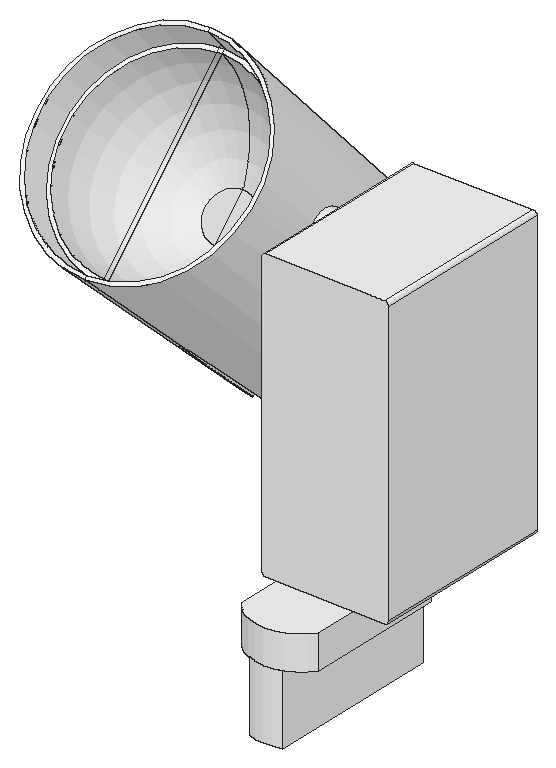
Revit family "0004923 Feilo Sylvania Lighting Fixture START TRACK SPOT S DALI 1262LM 930 MB WHT", category Lighting Fixtures, host Face, Revit 2017 (continued)
Definition of nested family "Start Track Spot Head"
  Types (96, lengths in mm): name | Wattage | built-in parameter 1150134 | Photometric Web File | Model | built-in parameter 1150105 | Lumens | built-in parameter 1150107 | built-in parameter 1150106 | HeadThickness_FEILO | HeadRibOffset_FEILO | HeadRibDepth_FEILO | HeadRibCutWidth_FEILO | HeadRibCutOffset_FEILO | HeadReflectorRadius_FEILO | HeadReflectorOffset_FEILO | HeadLEDRadius_FEILO | HeadHeight_FEILO | HeadDiffusorOffset_FEILO | HeadDiaOut_FEILO | HeadDiaIn_FEILO | HeadAxisFromTop_FEILO | Emit from Circle Diameter | built-in parameter 1150104 | Description | Apparent Load
    0004812 START TRACK SPOT S 14W 3K RA80 MB WHITE | 14 W | (empty or 0) | "0004812.ies" | "START TRACK SPOT S 14W 3K RA80 MB WHITE" | 120.32 (stored number, unit not read) | 1512 lm | 3000 (stored number, unit not read) | 1.2032 (stored number, unit not read) | 1.5 | 4.179 | 55.714 | 7.167 | 50.87 | 50.588 | 55.714 | 9.556 | 117 | 9.435 | 86 | 77.477 | 69.354 | 77.477 | 10.034 (stored number, unit not read) | "Integrated LED spotlight, Textured White - RAL9016, compact and minimalist design, ideal for retail applications, die-cast aluminium body, passive cooling heatsink. Beam angle: 36°, color temperature: 3000K , total system power: 14W, total fixture output: 1508 lm, LOR: 100%, colour rendering: Ra: 80 typical, LED Chromaticity: 3 step MacAdam ellipse, lifetime: >50000 hours at L70B50, energy class: A++, A+, A, IR/UV free light source without heat radiation, operating voltage: 220-240V / 50-60Hz, drive current: 350mA, electronic driver, non-dimmable, power factor: 0.92, electrical protection: Class II, Global Track 3 Phase adapter suitable for Global trac 3-circuit tracks, ingress protection rating: IP20, suitable for internal environment only, horizontal rotation: 355°, vertical tilt: 90°, dimensions: Ø86x140x200, weight: 0.940kg." | 14 VA
    0004811 START TRACK SPOT S 14W 3K RA80 NB WHITE | 14 W | (empty or 0) | "0004811.ies" | "START TRACK SPOT S 14W 3K RA80 NB WHITE" | 123.66 (stored number, unit not read) | 1554 lm | 3000 (stored number, unit not read) | 1.2366 (stored number, unit not read) | 1.5 | 4.179 | 55.714 | 7.167 | 50.87 | 50.588 | 55.714 | 9.556 | 117 | 9.435 | 86 | 77.477 | 69.354 | 77.477 | 10.312 (stored number, unit not read) | "Integrated LED spotlight, Textured White - RAL9016, compact and minimalist design, ideal for retail applications, die-cast aluminium body, passive cooling heatsink. Beam angle: 12°, color temperature: 3000K , total system power: 14W, total fixture output: 1551 lm, LOR: 100%, colour rendering: Ra: 80 typical, LED Chromaticity: 3 step MacAdam ellipse, lifetime: >50000 hours at L70B50, energy class: A++, A+, A, IR/UV free light source without heat radiation, operating voltage: 220-240V / 50-60Hz, drive current: 350mA, electronic driver, non-dimmable, power factor: 0.92, electrical protection: Class II, Global Track 3 Phase adapter suitable for Global trac 3-circuit tracks, ingress protection rating: IP20, suitable for internal environment only, horizontal rotation: 355°, vertical tilt: 90°, dimensions: Ø86x140x200, weight: 0.940kg." | 14 VA
  Reference planes
    plane 1 "Center (Front/Back)": y = 0
    plane 2: z = 0
    plane 3 "Center (Left/Right)": x = 0
    plane 4: x = 43
    plane 5: x = -43
    plane 6: x = -38.739
    plane 7: x = 38.739
    plane 8: z = 69.354
    plane 9: z = -47.646
    plane 10: x = -41.5
    plane 11: x = -37.239
    plane 12: z = -38.211
    plane 13: z = -35.211
    plane 14: z = 8.068
    plane 15: x = -9.556
    plane 16: x = -28.667
    plane 17: x = -19.111
    plane 18: x = -27.167
    plane 19: x = -17.611
    plane 20: x = -8.056
    plane 21: z = 13.64
    plane 22: x = -29.667
    plane 23: x = -26.167
    plane 24: x = -20.111
    plane 25: x = -16.611
    plane 26: x = -10.556
    plane 27: x = -7.056
    plane 28: x = -36.239
    plane 29: x = -40.5
    plane 30: z = 65.175
    plane 31: z = 60.997
    plane 32: z = 56.818
    plane 33: z = 18.484
    plane 34: y = -43
    plane 35: y = 43
    plane 36: y = 3.583
    plane 37: y = -3.583
    plane 38: y = -2.583
    plane 39: y = 2.583
    plane 40: y = 46
    plane 41: z = 13.5
    plane 42: z = -13.5
    plane 43: y = 39
    plane 44: x = 4.708
    plane 45: x = -2.458
    plane 46: x = -1.458
    plane 47: x = 1.458
  Forms (mm)
    Extrusion 1, solid
      sketch origin (4.2, 0, 0) x (1, 0, 0) y (0, 1, 0)
        loop
          line (-1219.2, 1219.2) -> (-1219.2, -1219.2) -> (1219.2, -1219.2) -> (1219.2, 1219.2) -> (-1219.2, 1219.2)
      from 0 to -68.017
    Revolve 2, solid, material <- "Material_1_FEILO", detail levels medium+fine
      sketch origin (0, 0, 0) x (1, 0, 0) y (0, 0, 1)
        loop
          line (-43, -47.646) -> (-41.5, -47.646) -> (-40.5, -35.211) -> (-38.739, -35.211)
          arc (-38.739, -35.211) -> (-30.16, -9.517) -> (-9.556, 8.068) r 50.588
          line (-9.556, 8.068) -> (0, 8.068) -> (0, 13.64) -> (-16.611, 13.64) -> (-17.611, 60.997) -> (-19.111, 60.997) -> (-20.111, 13.64) -> (-36.239, 13.64) -> (-37.239, 69.354) -> (-38.739, 69.354) -> (-43, -47.646)
        axis (0, 69.354) -> (0, -47.646)
      angle from 360 to 0
    Extrusion 3, void
      sketch origin (0, 0, 0) x (0, 1, 0) y (0, 0, 1)
        loop
          line (-3.583, 69.354) -> (-2.583, 18.484) -> (1.932, 18.484) -> (2.932, 69.354) -> (-3.583, 69.354)
      from 43 to -43
    Revolve 4, solid, material <- "Material_2_FEILO", detail levels medium+fine
      sketch origin (0, 0, 0) x (1, 0, 0) y (0, 0, 1)
        loop
          line (-41.5, -38.211) -> (0, -38.211) -> (0, -35.211) -> (-41.5, -35.211) -> (-41.5, -38.211)
        axis (0, -35.211) -> (0, -38.211)
      angle from 360 to 0
    Revolve 5, solid, material <- "Material_1_FEILO"
      sketch origin (0, 0, 0) x (0, 1, 0) y (0, 0, 1)
        loop
          line (46, 0) -> (39, 0) -> (39, -13.5) -> (46, -13.5) -> (46, 0)
        axis (39, 0) -> (46, 0)
      angle from 360 to 0
    Revolve 6, solid, material <- "Material_1_FEILO", detail levels medium+fine
      sketch origin (0, 0, 0) x (1, 0, 0) y (0, 0, 1)
        loop
          line (-29.667, 13.64) -> (-26.167, 13.64) -> (-27.167, 65.175) -> (-28.667, 65.175) -> (-29.667, 13.64)
        loop
          line (-10.556, 13.64) -> (-7.056, 13.64) -> (-7.833, 56.818) -> (-9.778, 56.818) -> (-10.556, 13.64)
        axis (0, 65.175) -> (0, 13.64)
      angle from 360 to 0
    Extrusion 7, void
      sketch origin (0, 0, 0) x (1, 0, 0) y (0, 0, 1)
        loop
          line (4.708, 69.354) -> (-2.458, 69.354) -> (-1.458, 13.64) -> (1.458, 13.64) -> (4.708, 69.354)
      from -43 to 43
    Revolve 8, solid, material <- "Material_1_FEILO", detail levels coarse
      sketch origin (0, 0, 0) x (1, 0, 0) y (0, 0, 1)
        loop
          line (0, 69.354) -> (-38.739, 69.354) -> (-43, -47.646) -> (-41.5, -47.646) -> (-40.731, -38.211) -> (0, -38.211) -> (0, 69.354)
        axis (0, 69.354) -> (0, -47.646)
      angle from 360 to 0
  Cuts and joins
    Extrusion 3 cuts Revolve 2
    Extrusion 7 cuts Revolve 6
  Dimensions and locks
    equal spacing: plane 7, plane 3 "Center (Left/Right)", plane 6
    equal spacing: plane 4, plane 3 "Center (Left/Right)", plane 5
    "HeadDiaOut_FEILO": plane 4 to plane 5
    "HeadDiaIn_FEILO": plane 7 to plane 6
    "HeadHeight_FEILO": plane 8 to plane 9
    "HeadThickness_FEILO": plane 10 to plane 5
    "HeadThickness_FEILO": plane 11 to plane 6
    "HeadDiffusorOffset_FEILO": plane 12 to plane 9
    "HeadDiffusorThickness_FEILO": plane 13 to plane 12
    "HeadReflectorOffset_FEILO": plane 14 to plane 9
    "HeadLEDRadius_FEILO": plane 3 "Center (Left/Right)" to plane 15
    "HeadLEDRadius_FEILO": plane 15 to plane 17
    "HeadLEDRadius_FEILO": plane 17 to plane 16
    "HeadThickness_FEILO": plane 18 to plane 16
    "HeadThickness_FEILO": plane 19 to plane 17
    "HeadThickness_FEILO": plane 20 to plane 15
    "HeadRibDepth_FEILO": plane 8 to plane 21
    "HeadDraft_FEILO": plane 16 to plane 22
    "HeadDraft_FEILO": plane 23 to plane 18
    "HeadDraft_FEILO": plane 17 to plane 24
    "HeadDraft_FEILO": plane 25 to plane 19
    "HeadDraft_FEILO": plane 15 to plane 26
    "HeadDraft_FEILO": plane 27 to plane 20
    "HeadDraft_FEILO": plane 29 to plane 10
    "HeadDraft_FEILO": plane 28 to plane 11
    "HeadRibOffset_FEILO": plane 8 to plane 30
    "HeadRibOffset_FEILO": plane 30 to plane 31
    "HeadRibOffset_FEILO": plane 31 to plane 32
    "HeadAxisFromTop_FEILO": plane 8 to plane 2
    "HeadRibCutOffset_FEILO": plane 8 to plane 33
    equal spacing: plane 34, plane 1 "Center (Front/Back)", plane 35
    "HeadDiaOut_FEILO": plane 34 to plane 35
    equal spacing: plane 38, plane 1 "Center (Front/Back)", plane 39
    equal spacing: plane 37, plane 1 "Center (Front/Back)", plane 36
    "HeadRibCutWidth_FEILO": plane 37 to plane 36
    "HeadDraft_FEILO": plane 37 to plane 38
    locked: plane 35 to plane 40 at 3
    equal spacing: plane 41, plane 2, plane 42
    locked: plane 42 to plane 41 at 27
    locked: plane 43 to plane 35 at 4
    equal spacing: plane 45, imposter light, plane 44
    "HeadDraft_FEILO": plane 46 to plane 45
    "HeadRibCutWidth_FEILO": plane 44 to plane 45
    equal spacing: plane 47, plane 3 "Center (Left/Right)", plane 46
    "HeadReflectorRadius_FEILO": radius of Revolve 2 sketch curve
    aligned and locked: plane 2 to Extrusion 1
    aligned and locked: level to Extrusion 1
    aligned and locked: Revolve 2 sketch curve to plane 3 "Center (Left/Right)"  (x2)
    aligned and locked: plane 9 to Revolve 2 sketch curve  (x2)
    aligned and locked: plane 5 to Revolve 2 sketch curve
    aligned and locked: plane 10 to Revolve 2 sketch curve
    aligned and locked: plane 14 to Revolve 2 sketch curve
    aligned and locked: plane 8 to Revolve 2 sketch curve
    aligned and locked: Revolve 2 sketch curve to plane 13
    aligned and locked: plane 12 to Revolve 4 sketch curve
    aligned and locked: plane 3 "Center (Left/Right)" to Revolve 4 sketch curve
    aligned and locked: Revolve 4 sketch curve to plane 10
    aligned and locked: Revolve 4 sketch curve to plane 3 "Center (Left/Right)"
    aligned and locked: plane 12 to imposter light
    aligned and locked: imposter light to plane 1 "Center (Front/Back)"
    aligned and locked: Revolve 5 sketch curve to plane 2
    aligned and locked: plane 43 to Revolve 5 sketch curve
    aligned and locked: plane 42 to Revolve 5 sketch curve
    aligned and locked: Revolve 6 sketch curve to plane 3 "Center (Left/Right)"
    aligned and locked: plane 22 to Revolve 6 sketch curve
    aligned and locked: plane 30 to Revolve 6 sketch curve
    aligned and locked: plane 23 to Revolve 6 sketch curve
    aligned and locked: Revolve 6 sketch curve to plane 21  (x2)
    aligned and locked: plane 21 to Revolve 6 sketch curve
    aligned and locked: plane 17 to Revolve 2 sketch curve
    aligned and locked: plane 19 to Revolve 2 sketch curve
    aligned and locked: plane 31 to Revolve 2 sketch curve
    aligned and locked: plane 21 to Revolve 2 sketch curve
    aligned and locked: Extrusion 3 to plane 8
    aligned and locked: plane 33 to Extrusion 3
    aligned and locked: plane 8 to Extrusion 3 sketch curve
    aligned and locked: Extrusion 3 sketch curve to plane 33
    aligned and locked: Extrusion 3 to plane 5
    aligned and locked: plane 4 to Extrusion 3
    aligned and locked: plane 32 to Revolve 6 sketch curve
    aligned and locked: plane 44 to Extrusion 7 sketch curve
    aligned and locked: Extrusion 7 sketch curve to plane 8
    aligned and locked: plane 46 to Extrusion 7 sketch curve
    aligned and locked: plane 21 to Extrusion 7 sketch curve
    aligned and locked: plane 34 to Extrusion 7
    aligned and locked: Extrusion 7 to plane 35
    aligned and locked: Revolve 4 sketch curve to plane 13
    aligned and locked: Revolve 5 sketch curve to plane 40
    aligned and locked: Revolve 8 sketch curve to plane 3 "Center (Left/Right)"
    aligned and locked: Revolve 8 sketch curve to cut or joined group of Revolve 2, Extrusion 3  (x3)
    aligned and locked: plane 5 to Revolve 8 sketch curve
    aligned and locked: plane 3 "Center (Left/Right)" to Revolve 8 sketch curve
    aligned and locked: plane 12 to Revolve 8 sketch curve
  Automatic sketch dimensions
    Extrusion 1 sketch curve to Extrusion 1 sketch curve = 2438.4 mm  (x2)
    Extrusion 3 sketch curve to plane 37 = 0 mm
    Extrusion 3 sketch curve to plane 38 = 0 mm
    plane 39 to Extrusion 3 sketch curve = 0.651 mm
    Extrusion 3 sketch curve to plane 39 = 0.349 mm
    Revolve 6 sketch curve to plane 16 = 0 mm
    Revolve 6 sketch curve to plane 18 = 0 mm
    Revolve 6 sketch curve to plane 26 = 0 mm
    Revolve 6 sketch curve to plane 27 = 0 mm
    Revolve 6 sketch curve to plane 15 = 0.222 mm
    plane 9 to Revolve 6 sketch curve = 559.103 mm
    Revolve 6 sketch curve to plane 8 = 2535.555 mm
    plane 20 to Revolve 6 sketch curve = 0.222 mm
    Revolve 2 sketch curve to plane 29 = 0 mm
    Revolve 2 sketch curve to plane 6 = 0 mm  (x2)
    Revolve 2 sketch curve to plane 11 = 0 mm
    Revolve 2 sketch curve to plane 21 = 0 mm
    Revolve 2 sketch curve to plane 28 = 0 mm
    Revolve 2 sketch curve to plane 24 = 0 mm
    Revolve 2 sketch curve to plane 25 = 0 mm
    Revolve 2 sketch curve to plane 15 = 0 mm
    Revolve 2 sketch curve to Revolve 2 sketch curve = 557.155 mm
    Revolve 2 sketch curve to plane 8 = 2535.558 mm
    Extrusion 7 sketch curve to plane 45 = 0 mm
    Extrusion 7 sketch curve to plane 47 = 0 mm
    plane 9 to Revolve 4 sketch curve = 559.103 mm
    Revolve 4 sketch curve to plane 8 = 2535.555 mm
    Revolve 5 sketch curve to level = 0 mm
    plane 34 to Revolve 5 sketch curve = 1968.092 mm
    Revolve 5 sketch curve to plane 40 = 1405.763 mm
    Revolve 8 sketch curve to plane 6 = 0 mm
    Revolve 8 sketch curve to plane 29 = 0.231 mm
    plane 9 to Revolve 8 sketch curve = 559.103 mm
    Revolve 8 sketch curve to Revolve 8 sketch curve = 2535.555 mm
Definition of nested family "Start Track Spot Box"
  Parameters (values of type "Type Large White")
    URL = "http://www.feilosylvania.com"
    Type Image = (empty or 0)
    Type Comments = "n/a"
    Small_FEILO = no
    Material_3_FEILO = none
    Model = ""
    Manufacturer = "Feilo Sylvania"
    Keynote = ""
    Material_2_FEILO = none
    Description = ""
    Default Elevation = 1219.2 mm
    Cost = 0
    Material_1_FEILO = none
    BoxWidth_FEILO = 49 mm
    BoxStartAngle_FEILO [instance] = 0.00°
    BoxRadius_FEILO = 1.5 mm
    BoxHeight_FEILO = if(Small_FEILO, 112 mm, 136 mm)  # 136 mm
    BoxEndAngle_FEILO [instance] = BoxStartAngle_FEILO - 180.00°  # -180.00°
    BoxDepth_FEILO = if(Small_FEILO, 71.5 mm, 79 mm)  # 79 mm
    BoxAxisVerticalOffset_FEILO = 16 mm
    BoxAxisOffset_FEILO = BoxHeight_FEILO / 6.8  # 20 mm
    Assembly Code = ""
    Material_4_FEILO = none
  Types (4, lengths in mm): name | Small_FEILO | BoxHeight_FEILO | BoxDepth_FEILO | BoxAxisOffset_FEILO
    Type Large White | no | 136 | 79 | 20
    Type Small White | yes | 112 | 71.5 | 16.471
    Type Small Black | yes | 112 | 71.5 | 16.471
    Type Large Black | no | 136 | 79 | 20
  Reference planes
    plane 1 "Center (Front/Back)": y = 0
    plane 2: z = 0
    plane 3 "Center (Left/Right)": x = 0
    plane 4: x = 24.5
    plane 5: x = -24.5
    plane 6: y = 68
    plane 7: y = -68
    plane 8: z = 39.5
    plane 9: z = -39.5
    plane 10: y = -48
    plane 11: x = 30.5
    plane 12: x = 8.5
    plane 13: x = 21.5
    plane 14: y = 70
    plane 15: y = 72
    plane 16: x = 19.5
  Forms (mm)
    Extrusion 1, solid
      sketch origin (4.2, 0, 0) x (1, 0, 0) y (0, 1, 0)
        loop
          line (-1219.2, 1219.2) -> (-1219.2, -1219.2) -> (1219.2, -1219.2) -> (1219.2, 1219.2) -> (-1219.2, 1219.2)
      from 0 to -68.017
    Extrusion 2, solid, material <- "Material_1_FEILO"
      sketch origin (0, 0, 0) x (1, 0, 0) y (0, 1, 0)
        loop
          arc (-23, 68) -> (-24.061, 67.561) -> (-24.5, 66.5) r 1.5
          line (-24.5, 66.5) -> (-24.5, -66.5)
          arc (-24.5, -66.5) -> (-24.061, -67.561) -> (-23, -68) r 1.5
          line (-23, -68) -> (23, -68)
          arc (23, -68) -> (24.061, -67.561) -> (24.5, -66.5) r 1.5
          line (24.5, -66.5) -> (24.5, 66.5)
          arc (24.5, 66.5) -> (24.061, 67.561) -> (23, 68) r 1.5
          line (23, 68) -> (-23, 68)
      from -39.5 to 39.5
    Revolve 3, solid, not visible
      sketch origin (0, 0, 0) x (1, 0, 0) y (0, 1, 0)
        loop
          line (30.5, -48) -> (24.5, -48) -> (24.5, -68) -> (30.5, -68) -> (30.5, -48)
        axis (30.5, -48) -> (24.5, -48)
      angle from 0 <- "BoxStartAngle_FEILO" to -180 <- "BoxEndAngle_FEILO"
    Revolve 4, solid, material <- "Material_2_FEILO"
      sketch origin (0, 0, 0) x (1, 0, 0) y (0, 1, 0)
        loop
          line (8.5, 68) -> (19.5, 68) -> (19.5, 70) -> (21.5, 70) -> (21.5, 72) -> (8.5, 72) -> (8.5, 68)
        axis (8.5, 72) -> (8.5, 68)
      angle from 360 to 0
  Dimensions and locks
    equal spacing: plane 5, plane 3 "Center (Left/Right)", plane 4
    "BoxWidth_FEILO": plane 5 to plane 4
    equal spacing: plane 7, plane 1 "Center (Front/Back)", plane 6
    "BoxHeight_FEILO": plane 7 to plane 6
    equal spacing: plane 8, plane 2, plane 9
    "BoxDepth_FEILO": plane 8 to plane 9
    "BoxAxisOffset_FEILO": plane 7 to plane 10
    locked: plane 4 to plane 11 at 6
    "BoxAxisVerticalOffset_FEILO": plane 12 to plane 4
    locked: plane 12 to plane 13 at 13
    plane 6 to plane 14 to plane 15 = 2 mm locked, 2 mm locked
    locked: plane 12 to plane 16 at 11
    "BoxRadius_FEILO": radius of Extrusion 2 sketch curve  (x4)
    aligned and locked: plane 2 to Extrusion 1
    aligned and locked: level to Extrusion 1
    aligned and locked: plane 6 to Extrusion 2 sketch curve
    aligned and locked: plane 5 to Extrusion 2 sketch curve
    aligned and locked: Extrusion 2 sketch curve to plane 7
    aligned and locked: Extrusion 2 sketch curve to plane 4
    aligned and locked: Extrusion 2 to plane 8
    aligned and locked: plane 9 to Extrusion 2
    aligned and locked: Revolve 3 sketch curve to plane 10  (x2)
    aligned and locked: plane 11 to Revolve 3 sketch curve
    aligned and locked: Revolve 3 sketch curve to plane 4
    aligned and locked: plane 7 to Revolve 3 sketch curve
    aligned and locked: Revolve 4 sketch curve to plane 12
    aligned and locked: plane 6 to Revolve 4 sketch curve
    aligned and locked: plane 12 to Revolve 4 sketch curve
    aligned and locked: plane 15 to Revolve 4 sketch curve
    aligned and locked: Revolve 4 sketch curve to plane 13
    aligned and locked: Revolve 4 sketch curve to plane 14
    aligned and locked: Revolve 4 sketch curve to plane 16
    aligned and locked: Revolve 4 sketch curve to plane 6
  Automatic sketch dimensions
    Extrusion 1 sketch curve to Extrusion 1 sketch curve = 2438.4 mm  (x2)
    Revolve 3 sketch curve to plane 5 = 1499.5 mm
    plane 11 to Revolve 3 sketch curve = 1493.5 mm
    plane 15 to Revolve 4 sketch curve = 0 mm
    plane 7 to Revolve 4 sketch curve = 1456 mm
    Revolve 4 sketch curve to plane 15 = 1452 mm
